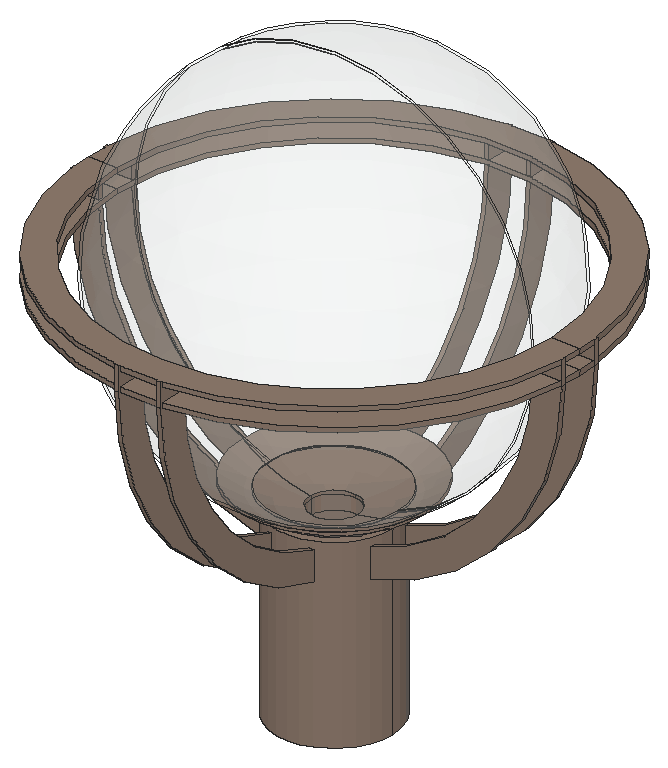
Revit family "WG212", category Generic Models, Revit 2014
Parameters
  GLASS = Glass
  CAST = Bronze, Architectural
Reference planes (in)
  plane 1 "Center (Front/Back)": y = 0
  plane 2: z = 0
  plane 3 "Center (Left/Right)": x = 0
Forms (in)
  Revolve 1, solid, material "Bronze, Architectural" <- "CAST"
    sketch origin (0, 0, 0) x (1, 0, 0) y (0, 0, 1)
      loop
        line (-1.75, 5.51561) -> (-1.75, 0) -> (-1.5825, 0) -> (-1.5825, 5.01561) -> (-0.70641, 5.01561) -> (-0.70641, 5.51561) -> (-1.75, 5.51561)
      axis (0, 5.51561) -> (0, 0)
    angle from 0 to 360
  Revolve 2, solid, material "Bronze, Architectural" <- "CAST"
    sketch origin (0, 0, 0) x (1, 0, 0) y (0, 0, 1)
      loop
        line (-2.75164, 6.34886) -> (-2.75164, 6.26553)
        arc (-2.75164, 6.26553) -> (-1.78293, 5.72429) -> (-0.70641, 5.45513) r 4.2074
        line (-0.70641, 5.45513) -> (-0.70641, 5.53845)
        arc (-0.70641, 5.53845) -> (-1.78293, 5.80761) -> (-2.75164, 6.34886) r 4.2074
      axis (0, 6.34886) -> (0, 5.45513)
    angle from 0 to 360
  Revolve 3, solid, material "Bronze, Architectural" <- "CAST"
    sketch origin (0, 0, 0) x (1, 0, 0) y (0, 0, 1)
      loop
        line (-7.34662, 12.30276) -> (-7.34662, 12.16148) -> (-6.49894, 12.16148) -> (-6.49894, 12.30276) -> (-7.34662, 12.30276)
      loop
        line (-7.34662, 11.73764) -> (-7.34662, 11.59635) -> (-6.49894, 11.59635) -> (-6.49894, 11.73764) -> (-7.34662, 11.73764)
      axis (0, 12.30276) -> (0, 11.59635)
    angle from 0 to 360
  Extrusion 4, solid, material "Bronze, Architectural" <- "CAST"
    sketch origin (0, 0, 0) x (1, 0, 0) y (0, 0, 1)
      loop
        arc (-7.34662, 11.59635) -> (-5.72809, 6.99615) -> (-1.58564, 4.42289) r 7.34663
        line (-1.58564, 4.42289) -> (-1.58564, 5.29382)
        arc (-1.58564, 5.29382) -> (-5.12548, 7.60066) -> (-6.49894, 11.59635) r 6.49894
        line (-6.49894, 11.59635) -> (-6.49894, 12.30276) -> (-7.34662, 12.30276) -> (-7.34662, 11.59635)
    from -0.6875 to -0.5625
  Extrusion 5, solid, material "Bronze, Architectural" <- "CAST"
    sketch origin (0, 0, 0) x (1, 0, 0) y (0, 0, -1)
      loop
        line (-7.34662, -11.59635) -> (-7.34662, -12.30276) -> (-6.49894, -12.30276) -> (-6.49894, -11.59635)
        arc (-6.49894, -11.59635) -> (-5.12548, -7.60066) -> (-1.58564, -5.29382) r 6.49894
        line (-1.58564, -5.29382) -> (-1.58564, -4.42289)
        arc (-1.58564, -4.42289) -> (-5.72809, -6.99615) -> (-7.34662, -11.59635) r 7.34663
    from -0.6875 to -0.5625
  Extrusion 6, solid, material "Bronze, Architectural" <- "CAST"
    sketch origin (0, 0, 0) x (-1, 0, 0) y (0, 0, -1)
      loop
        line (-7.34662, -11.59635) -> (-7.34662, -12.30276) -> (-6.49894, -12.30276) -> (-6.49894, -11.59635)
        arc (-6.49894, -11.59635) -> (-5.12548, -7.60066) -> (-1.58564, -5.29382) r 6.49894
        line (-1.58564, -5.29382) -> (-1.58564, -4.42289)
        arc (-1.58564, -4.42289) -> (-5.72809, -6.99615) -> (-7.34662, -11.59635) r 7.34663
    from -0.6875 to -0.5625
  Extrusion 7, solid, material "Bronze, Architectural" <- "CAST"
    sketch origin (0, 0, 0) x (-1, 0, 0) y (0, 0, 1)
      loop
        arc (-7.34662, 11.59635) -> (-5.72809, 6.99615) -> (-1.58564, 4.42289) r 7.34663
        line (-1.58564, 4.42289) -> (-1.58564, 5.29382)
        arc (-1.58564, 5.29382) -> (-5.12548, 7.60066) -> (-6.49894, 11.59635) r 6.49894
        line (-6.49894, 11.59635) -> (-6.49894, 12.30276) -> (-7.34662, 12.30276) -> (-7.34662, 11.59635)
    from -0.6875 to -0.5625
  Extrusion 8, solid, material "Bronze, Architectural" <- "CAST"
    sketch origin (0, 0, 0) x (0, 1, 0) y (0, 0, 1)
      loop
        arc (-7.34662, 11.59635) -> (-5.72809, 6.99615) -> (-1.58564, 4.42289) r 7.34663
        line (-1.58564, 4.42289) -> (-1.58564, 5.29382)
        arc (-1.58564, 5.29382) -> (-5.12548, 7.60066) -> (-6.49894, 11.59635) r 6.49894
        line (-6.49894, 11.59635) -> (-6.49894, 12.30276) -> (-7.34662, 12.30276) -> (-7.34662, 11.59635)
    from -0.6875 to -0.5625
  Extrusion 9, solid, material "Bronze, Architectural" <- "CAST"
    sketch origin (0, 0, 0) x (0, 1, 0) y (0, 0, -1)
      loop
        line (-7.34662, -11.59635) -> (-7.34662, -12.30276) -> (-6.49894, -12.30276) -> (-6.49894, -11.59635)
        arc (-6.49894, -11.59635) -> (-5.12548, -7.60066) -> (-1.58564, -5.29382) r 6.49894
        line (-1.58564, -5.29382) -> (-1.58564, -4.42289)
        arc (-1.58564, -4.42289) -> (-5.72809, -6.99615) -> (-7.34662, -11.59635) r 7.34663
    from -0.6875 to -0.5625
  Extrusion 10, solid, material "Bronze, Architectural" <- "CAST"
    sketch origin (0, 0, 0) x (0, -1, 0) y (0, 0, -1)
      loop
        line (-7.34662, -11.59635) -> (-7.34662, -12.30276) -> (-6.49894, -12.30276) -> (-6.49894, -11.59635)
        arc (-6.49894, -11.59635) -> (-5.12548, -7.60066) -> (-1.58564, -5.29382) r 6.49894
        line (-1.58564, -5.29382) -> (-1.58564, -4.42289)
        arc (-1.58564, -4.42289) -> (-5.72809, -6.99615) -> (-7.34662, -11.59635) r 7.34663
    from -0.6875 to -0.5625
  Extrusion 11, solid, material "Bronze, Architectural" <- "CAST"
    sketch origin (0, 0, 0) x (0, -1, 0) y (0, 0, 1)
      loop
        arc (-7.34662, 11.59635) -> (-5.72809, 6.99615) -> (-1.58564, 4.42289) r 7.34663
        line (-1.58564, 4.42289) -> (-1.58564, 5.29382)
        arc (-1.58564, 5.29382) -> (-5.12548, 7.60066) -> (-6.49894, 11.59635) r 6.49894
        line (-6.49894, 11.59635) -> (-6.49894, 12.30276) -> (-7.34662, 12.30276) -> (-7.34662, 11.59635)
    from -0.6875 to -0.5625
  Revolve 12, solid, material "Glass" <- "GLASS"
    sketch origin (0, 0, 0) x (1, 0, 0) y (0, 0, 1)
      loop
        line (-1.94041, 6.00308) -> (-1.91143, 6.05923)
        arc (-1.91143, 6.05923) -> (-5.85734, 12.64871) -> (0, 17.61692) r 5.9369
        line (0, 17.61692) -> (0, 17.67942)
        arc (0, 17.67942) -> (-5.91824, 12.66353) -> (-1.94041, 6.00308) r 5.9994
      axis (0, 17.67942) -> (0, 6.00308)
    angle from 0 to 360
Cuts and joins
  joined: Revolve 1, Revolve 3, Extrusion 4, Extrusion 5, Extrusion 6, Extrusion 7, Extrusion 8, Extrusion 9, Extrusion 10, Extrusion 11
Dimensions and locks (in)
  aligned and locked: plane 2 to level
